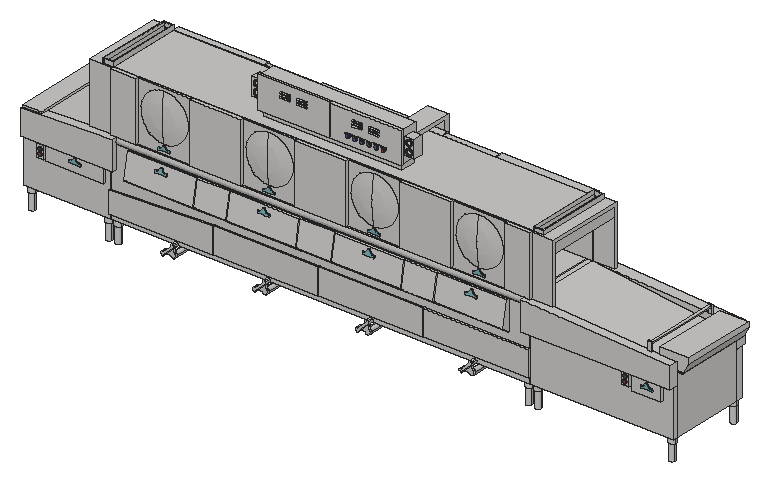
Revit family (continued)
Forms (in)
  Extrusion 130, solid, material "QF_Finishes_Stainless Steel"
    sketch origin (25, -20.25, 0) x (1, 0, 0) y (0, 0, 1)
      loop
        circle (21.23519, 7) r 1.125
    from 0 to 21.5
  Extrusion 131, solid, material "QF_Finishes_Stainless Steel"
    sketch origin (7.21533, -42, -3.41935) x (0.707107, 0, 0.707107) y (-0.707107, 0, 0.707107)
      loop
        arc (6.61019, 7) -> (7.73519, 5.875) -> (8.86019, 7) r 1.125
        arc (8.86019, 7) -> (9.29112, 8.22931) -> (10.48519, 8.75) r 1.62946
        line (10.48519, 8.75) -> (4.98519, 8.75)
        arc (4.98519, 8.75) -> (6.17925, 8.22931) -> (6.61019, 7) r 1.62946
    from -0.25 to 0.25
  Extrusion 132, solid, material "QF_Finishes_Stainless Steel"
    sketch origin (45.71533, -42, -3.41935) x (0.707107, 0, 0.707107) y (-0.707107, 0, 0.707107)
      loop
        line (4.73519, 8.75) -> (10.73519, 8.75)
        arc (10.73519, 8.75) -> (11.08874, 8.89645) -> (11.23519, 9.25) r 0.5
        line (11.23519, 9.25) -> (11.23519, 9.75)
        arc (11.23519, 9.75) -> (11.08874, 10.10355) -> (10.73519, 10.25) r 0.5
        line (10.73519, 10.25) -> (10.23519, 10.25)
        arc (10.23519, 10.25) -> (10.05841, 10.17678) -> (9.98519, 10) r 0.25
        line (9.98519, 10) -> (9.98519, 9.75) -> (5.48519, 9.75) -> (5.48519, 10)
        arc (5.48519, 10) -> (5.41196, 10.17678) -> (5.23519, 10.25) r 0.25
        line (5.23519, 10.25) -> (4.73519, 10.25)
        arc (4.73519, 10.25) -> (4.38163, 10.10355) -> (4.23519, 9.75) r 0.5
        line (4.23519, 9.75) -> (4.23519, 9.25)
        arc (4.23519, 9.25) -> (4.38163, 8.89645) -> (4.73519, 8.75) r 0.5
    from -1 to 1
  Extrusion 133, solid, material "QF_Finishes_Stainless Steel"
    sketch origin (45.71533, -42, -3.41935) x (0.707107, 0, 0.707107) y (-0.707107, 0, 0.707107)
      loop
        arc (6.61019, 7) -> (7.73519, 5.875) -> (8.86019, 7) r 1.125
        arc (8.86019, 7) -> (9.29112, 8.22931) -> (10.48519, 8.75) r 1.62946
        line (10.48519, 8.75) -> (4.98519, 8.75)
        arc (4.98519, 8.75) -> (6.17925, 8.22931) -> (6.61019, 7) r 1.62946
    from -0.25 to 0.25
  Extrusion 134, solid, material "QF_Finishes_Stainless Steel"
    sketch origin (74.5, -20.25, 0) x (1, 0, 0) y (0, 0, 1)
      loop
        circle (14.73519, 7) r 1
      loop
        circle (14.73519, 7) r 1.125
    from 0 to 21.5
  Extrusion 135, solid, material "QF_Finishes_Stainless Steel"
    sketch origin (88.71533, -42, -3.41935) x (0.707107, 0, 0.707107) y (-0.707107, 0, 0.707107)
      loop
        line (4.73519, 8.75) -> (10.73519, 8.75)
        arc (10.73519, 8.75) -> (11.08874, 8.89645) -> (11.23519, 9.25) r 0.5
        line (11.23519, 9.25) -> (11.23519, 9.75)
        arc (11.23519, 9.75) -> (11.08874, 10.10355) -> (10.73519, 10.25) r 0.5
        line (10.73519, 10.25) -> (10.23519, 10.25)
        arc (10.23519, 10.25) -> (10.05841, 10.17678) -> (9.98519, 10) r 0.25
        line (9.98519, 10) -> (9.98519, 9.75) -> (5.48519, 9.75) -> (5.48519, 10)
        arc (5.48519, 10) -> (5.41196, 10.17678) -> (5.23519, 10.25) r 0.25
        line (5.23519, 10.25) -> (4.73519, 10.25)
        arc (4.73519, 10.25) -> (4.38163, 10.10355) -> (4.23519, 9.75) r 0.5
        line (4.23519, 9.75) -> (4.23519, 9.25)
        arc (4.23519, 9.25) -> (4.38163, 8.89645) -> (4.73519, 8.75) r 0.5
    from -1 to 1
  Extrusion 136, solid, material "QF_Finishes_Stainless Steel"
    sketch origin (88.71533, -42, -3.41935) x (0.707107, 0, 0.707107) y (-0.707107, 0, 0.707107)
      loop
        arc (6.61019, 7) -> (7.73519, 5.875) -> (8.86019, 7) r 1.125
        arc (8.86019, 7) -> (9.29112, 8.22931) -> (10.48519, 8.75) r 1.62946
        line (10.48519, 8.75) -> (4.98519, 8.75)
        arc (4.98519, 8.75) -> (6.17925, 8.22931) -> (6.61019, 7) r 1.62946
    from -0.25 to 0.25
  Extrusion 137, solid, material "QF_Finishes_Stainless Steel"
    sketch origin (7.21533, -42, -3.41935) x (0.707107, 0, 0.707107) y (-0.707107, 0, 0.707107)
      loop
        line (4.73519, 8.75) -> (10.73519, 8.75)
        arc (10.73519, 8.75) -> (11.08874, 8.89645) -> (11.23519, 9.25) r 0.5
        line (11.23519, 9.25) -> (11.23519, 9.75)
        arc (11.23519, 9.75) -> (11.08874, 10.10355) -> (10.73519, 10.25) r 0.5
        line (10.73519, 10.25) -> (10.23519, 10.25)
        arc (10.23519, 10.25) -> (10.05841, 10.17678) -> (9.98519, 10) r 0.25
        line (9.98519, 10) -> (9.98519, 9.75) -> (5.48519, 9.75) -> (5.48519, 10)
        arc (5.48519, 10) -> (5.41196, 10.17678) -> (5.23519, 10.25) r 0.25
        line (5.23519, 10.25) -> (4.73519, 10.25)
        arc (4.73519, 10.25) -> (4.38163, 10.10355) -> (4.23519, 9.75) r 0.5
        line (4.23519, 9.75) -> (4.23519, 9.25)
        arc (4.23519, 9.25) -> (4.38163, 8.89645) -> (4.73519, 8.75) r 0.5
    from -1 to 1
  Extrusion 138, solid, material "QF_Finishes_Black", not visible
    sketch origin (0, -32.25, 0) x (1, 0, 0) y (0, 0, 1)
      loop
        circle (6.84638, 76.75) r 1.25
      loop
        circle (6.84638, 76.75) r 1
    from 0 to 0.25
  Extrusion 139, solid, material "QF_Finishes_White", not visible
    sketch origin (0, -32.25, 0) x (1, 0, 0) y (0, 0, 1)
      loop
        circle (6.84638, 76.75) r 1
    from 0 to 0.0625
  Extrusion 140, solid, material "QF_Finishes_Black", not visible
    sketch origin (33.66291, -34, -18.39967) x (1, 0, 0) y (0, 0, 1)
      loop
        line (19.62096, 91.02467) -> (17.62096, 91.02467) -> (17.62096, 90.77467) -> (19.62096, 90.77467) -> (19.62096, 91.02467)
      loop
        line (16.62096, 91.02467) -> (14.62096, 91.02467) -> (14.62096, 90.77467) -> (16.62096, 90.77467) -> (16.62096, 91.02467)
      loop
        line (20.62096, 91.02467) -> (20.62096, 90.77467) -> (22.62096, 90.77467) -> (22.62096, 91.02467) -> (20.62096, 91.02467)
      loop
        line (23.62096, 91.02467) -> (23.62096, 90.77467) -> (25.62096, 90.77467) -> (25.62096, 91.02467) -> (23.62096, 91.02467)
      loop
        line (13.62096, 91.02467) -> (11.62096, 91.02467) -> (11.62096, 90.77467) -> (13.62096, 90.77467) -> (13.62096, 91.02467)
      loop
        line (26.62096, 91.02467) -> (26.62096, 90.77467) -> (28.62096, 90.77467) -> (28.62096, 91.02467) -> (26.62096, 91.02467)
    from 0 to 0.25
  Extrusion 141, solid, material "QF_Finishes_Navy Blue", not visible
    sketch origin (34.03783, -34, -18.39967) x (1, 0, 0) y (0, 0, 1)
      loop
        circle (15.24605, 89.89967) r 0.625
    from 0.125 to 0.375
  Extrusion 142, solid, material "QF_Finishes_Navy Blue", not visible
    sketch origin (34.03783, -34, -18.39967) x (1, 0, 0) y (0, 0, 1)
      loop
        circle (18.24605, 89.89967) r 0.625
    from 0.125 to 0.375
  Extrusion 143, solid, material "QF_Finishes_LED Green", not visible
    sketch origin (34.03783, -34, -18.39967) x (1, 0, 0) y (0, 0, 1)
      loop
        circle (21.24605, 89.89967) r 0.625
    from 0.125 to 0.375
  Extrusion 144, solid, material "QF_Finishes_Navy Blue", not visible
    sketch origin (34.03783, -34, -18.39967) x (1, 0, 0) y (0, 0, 1)
      loop
        circle (24.24605, 89.89967) r 0.625
    from 0.125 to 0.375
  Extrusion 145, solid, material "QF_Finishes_Black", not visible
    sketch origin (34.03783, -34, -18.39967) x (1, 0, 0) y (0, 0, 1)
      loop
        line (15.99605, 89.89967) -> (15.99605, 90.77467) -> (14.49605, 90.77467) -> (14.49605, 89.89967)
        arc (14.49605, 89.89967) -> (15.24605, 89.14967) -> (15.99605, 89.89967) r 0.75
      loop
        line (18.99605, 89.89967) -> (18.99605, 90.77467) -> (17.49605, 90.77467) -> (17.49605, 89.89967)
        arc (17.49605, 89.89967) -> (18.24605, 89.14967) -> (18.99605, 89.89967) r 0.75
      loop
        line (21.99605, 89.89967) -> (21.99605, 90.77467) -> (20.49605, 90.77467) -> (20.49605, 89.89967)
        arc (20.49605, 89.89967) -> (21.24605, 89.14967) -> (21.99605, 89.89967) r 0.75
      loop
        line (24.99605, 89.89967) -> (24.99605, 90.77467) -> (23.49605, 90.77467) -> (23.49605, 89.89967)
        arc (23.49605, 89.89967) -> (24.24605, 89.14967) -> (24.99605, 89.89967) r 0.75
      loop
        line (12.99605, 89.89967) -> (12.99605, 90.77467) -> (11.49605, 90.77467) -> (11.49605, 89.89967)
        arc (11.49605, 89.89967) -> (12.24605, 89.14967) -> (12.99605, 89.89967) r 0.75
      loop
        line (27.99605, 89.89967) -> (27.99605, 90.77467) -> (26.49605, 90.77467) -> (26.49605, 89.89967)
        arc (26.49605, 89.89967) -> (27.24605, 89.14967) -> (27.99605, 89.89967) r 0.75
    from 0 to 0.125
  Extrusion 146, solid, material "QF_Finishes_Black", not visible
    sketch origin (0, -32.25, -3.5) x (1, 0, 0) y (0, 0, 1)
      loop
        circle (6.84638, 76.75) r 1.25
      loop
        circle (6.84638, 76.75) r 1
    from 0 to 0.25
  Extrusion 147, solid, material "QF_Finishes_White", not visible
    sketch origin (0, -32.25, -3.5) x (1, 0, 0) y (0, 0, 1)
      loop
        circle (6.84638, 76.75) r 1
    from 0 to 0.0625
  Extrusion 148, solid, material "QF_Finishes_Black", not visible
    sketch origin (63.875, -32.25, 0) x (1, 0, 0) y (0, 0, 1)
      loop
        circle (6.84638, 76.75) r 1.25
      loop
        circle (6.84638, 76.75) r 1
    from 0 to 0.25
  Extrusion 149, solid, material "QF_Finishes_White", not visible
    sketch origin (63.875, -32.25, 0) x (1, 0, 0) y (0, 0, 1)
      loop
        circle (6.84638, 76.75) r 1
    from 0 to 0.0625
  Extrusion 150, solid, material "QF_Finishes_Black", not visible
    sketch origin (63.875, -32.25, -3.5) x (1, 0, 0) y (0, 0, 1)
      loop
        circle (6.84638, 76.75) r 1.25
      loop
        circle (6.84638, 76.75) r 1
    from 0 to 0.25
  Extrusion 151, solid, material "QF_Finishes_White", not visible
    sketch origin (63.875, -32.25, -3.5) x (1, 0, 0) y (0, 0, 1)
      loop
        circle (6.84638, 76.75) r 1
    from 0 to 0.0625
  Extrusion 152, solid, material "QF_Finishes_Navy Blue", not visible
    sketch origin (31.03783, -34, -18.39967) x (1, 0, 0) y (0, 0, 1)
      loop
        circle (15.24605, 89.89967) r 0.625
    from 0.125 to 0.375
  Extrusion 153, solid, material "QF_Finishes_LED Red", not visible
    sketch origin (46.03783, -34, -18.39967) x (1, 0, 0) y (0, 0, 1)
      loop
        circle (15.24605, 89.89967) r 0.625
    from 0.125 to 0.375
  Extrusion 154, solid, material "QF_Finishes_Stainless Steel", not visible
    sketch origin (0, -73.14175, 10.44389) x (1, 0, 0) y (0, 0.5, 0.866025)
      loop
        line (48.28388, 77.875) -> (52.28388, 77.875)
        arc (52.28388, 77.875) -> (52.10082, 78.31694) -> (51.65888, 78.5) r 0.625
        line (51.65888, 78.5) -> (48.90888, 78.5)
        arc (48.90888, 78.5) -> (48.46693, 78.31694) -> (48.28388, 77.875) r 0.625
    from 0 to 0.125
  Extrusion 155, solid, material "QF_Finishes_Stainless Steel", not visible
    sketch origin (0, -73.14175, 9.44389) x (1, 0, 0) y (0, 0.5, 0.866025)
      loop
        line (48.28388, 77.875) -> (52.28388, 77.875)
        arc (52.28388, 77.875) -> (52.10082, 78.31694) -> (51.65888, 78.5) r 0.625
        line (51.65888, 78.5) -> (48.90888, 78.5)
        arc (48.90888, 78.5) -> (48.46693, 78.31694) -> (48.28388, 77.875) r 0.625
    from 0 to 0.125
  Extrusion 156, solid, material "QF_Finishes_Stainless Steel", not visible
    sketch origin (0, -73.14175, 8.44389) x (1, 0, 0) y (0, 0.5, 0.866025)
      loop
        line (48.28388, 77.875) -> (52.28388, 77.875)
        arc (52.28388, 77.875) -> (52.10082, 78.31694) -> (51.65888, 78.5) r 0.625
        line (51.65888, 78.5) -> (48.90888, 78.5)
        arc (48.90888, 78.5) -> (48.46693, 78.31694) -> (48.28388, 77.875) r 0.625
    from 0 to 0.125
  Extrusion 157, solid, material "QF_Finishes_Stainless Steel", not visible
    sketch origin (107.56775, -73.14175, 10.44389) x (-1, 0, 0) y (0, -0.5, -0.866025)
      loop
        arc (48.28388, -77.875) -> (48.46693, -78.31694) -> (48.90888, -78.5) r 0.625
        line (48.90888, -78.5) -> (51.65888, -78.5)
        arc (51.65888, -78.5) -> (52.10082, -78.31694) -> (52.28388, -77.875) r 0.625
        line (52.28388, -77.875) -> (48.28388, -77.875)
    from 0 to 0.125
  Extrusion 158, solid, material "QF_Finishes_Stainless Steel", not visible
    sketch origin (107.56775, -73.14175, 9.44389) x (-1, 0, 0) y (0, -0.5, -0.866025)
      loop
        arc (48.28388, -77.875) -> (48.46693, -78.31694) -> (48.90888, -78.5) r 0.625
        line (48.90888, -78.5) -> (51.65888, -78.5)
        arc (51.65888, -78.5) -> (52.10082, -78.31694) -> (52.28388, -77.875) r 0.625
        line (52.28388, -77.875) -> (48.28388, -77.875)
    from 0 to 0.125
  Extrusion 159, solid, material "QF_Finishes_Stainless Steel", not visible
    sketch origin (107.56775, -73.14175, 8.44389) x (-1, 0, 0) y (0, -0.5, -0.866025)
      loop
        arc (48.28388, -77.875) -> (48.46693, -78.31694) -> (48.90888, -78.5) r 0.625
        line (48.90888, -78.5) -> (51.65888, -78.5)
        arc (51.65888, -78.5) -> (52.10082, -78.31694) -> (52.28388, -77.875) r 0.625
        line (52.28388, -77.875) -> (48.28388, -77.875)
    from 0 to 0.125
  Extrusion 160, solid, material "QF_Finishes_Stainless Steel", not visible
    sketch origin (-30.125, -73.14175, 10.44389) x (1, 0, 0) y (0, 0.5, 0.866025)
      loop
        line (48.28388, 77.875) -> (52.28388, 77.875)
        arc (52.28388, 77.875) -> (52.10082, 78.31694) -> (51.65888, 78.5) r 0.625
        line (51.65888, 78.5) -> (48.90888, 78.5)
        arc (48.90888, 78.5) -> (48.46693, 78.31694) -> (48.28388, 77.875) r 0.625
    from 0 to 0.125
  Extrusion 161, solid, material "QF_Finishes_Stainless Steel", not visible
    sketch origin (-30.125, -73.14175, 9.44389) x (1, 0, 0) y (0, 0.5, 0.866025)
      loop
        line (48.28388, 77.875) -> (52.28388, 77.875)
        arc (52.28388, 77.875) -> (52.10082, 78.31694) -> (51.65888, 78.5) r 0.625
        line (51.65888, 78.5) -> (48.90888, 78.5)
        arc (48.90888, 78.5) -> (48.46693, 78.31694) -> (48.28388, 77.875) r 0.625
    from 0 to 0.125
  Extrusion 162, solid, material "QF_Finishes_Stainless Steel", not visible
    sketch origin (-30.125, -73.14175, 8.44389) x (1, 0, 0) y (0, 0.5, 0.866025)
      loop
        line (48.28388, 77.875) -> (52.28388, 77.875)
        arc (52.28388, 77.875) -> (52.10082, 78.31694) -> (51.65888, 78.5) r 0.625
        line (51.65888, 78.5) -> (48.90888, 78.5)
        arc (48.90888, 78.5) -> (48.46693, 78.31694) -> (48.28388, 77.875) r 0.625
    from 0 to 0.125
  Extrusion 163, solid, material "QF_Finishes_Stainless Steel", not visible
    sketch origin (77.44275, -73.14175, 10.44389) x (-1, 0, 0) y (0, -0.5, -0.866025)
      loop
        arc (48.28388, -77.875) -> (48.46693, -78.31694) -> (48.90888, -78.5) r 0.625
        line (48.90888, -78.5) -> (51.65888, -78.5)
        arc (51.65888, -78.5) -> (52.10082, -78.31694) -> (52.28388, -77.875) r 0.625
        line (52.28388, -77.875) -> (48.28388, -77.875)
    from 0 to 0.125
  Extrusion 164, solid, material "QF_Finishes_Stainless Steel", not visible
    sketch origin (77.44275, -73.14175, 9.44389) x (-1, 0, 0) y (0, -0.5, -0.866025)
      loop
        arc (48.28388, -77.875) -> (48.46693, -78.31694) -> (48.90888, -78.5) r 0.625
        line (48.90888, -78.5) -> (51.65888, -78.5)
        arc (51.65888, -78.5) -> (52.10082, -78.31694) -> (52.28388, -77.875) r 0.625
        line (52.28388, -77.875) -> (48.28388, -77.875)
    from 0 to 0.125
  Extrusion 165, solid, material "QF_Finishes_Stainless Steel", not visible
    sketch origin (77.44275, -73.14175, 8.44389) x (-1, 0, 0) y (0, -0.5, -0.866025)
      loop
        arc (48.28388, -77.875) -> (48.46693, -78.31694) -> (48.90888, -78.5) r 0.625
        line (48.90888, -78.5) -> (51.65888, -78.5)
        arc (51.65888, -78.5) -> (52.10082, -78.31694) -> (52.28388, -77.875) r 0.625
        line (52.28388, -77.875) -> (48.28388, -77.875)
    from 0 to 0.125
  Extrusion 166, solid, material "QF_Finishes_Stainless Steel", not visible
    sketch origin (0, -20.25, 0) x (1, 0, 0) y (0, 0, 1)
      loop
        circle (7.73519, 7) r 1
      loop
        circle (7.73519, 7) r 1.125
    from 0 to 21.5
  Extrusion 167, solid, material "QF_Finishes_Stainless Steel", not visible
    sketch origin (25, -20.25, 0) x (1, 0, 0) y (0, 0, 1)
      loop
        circle (21.23519, 7) r 1
      loop
        circle (21.23519, 7) r 1.125
    from 0 to 21.5
  Extrusion 168, solid, material "QF_Finishes_Stainless Steel", not visible
    sketch origin (7.21533, -42, -3.41935) x (0.707107, 0, 0.707107) y (-0.707107, 0, 0.707107)
      loop
        arc (6.61019, 7) -> (7.73519, 5.875) -> (8.86019, 7) r 1.125
        arc (8.86019, 7) -> (9.29112, 8.22931) -> (10.48519, 8.75) r 1.62946
        line (10.48519, 8.75) -> (4.98519, 8.75)
        arc (4.98519, 8.75) -> (6.17925, 8.22931) -> (6.61019, 7) r 1.62946
    from -0.25 to 0.25
  Extrusion 169, solid, material "QF_Finishes_Stainless Steel", not visible
    sketch origin (45.71533, -42, -3.41935) x (0.707107, 0, 0.707107) y (-0.707107, 0, 0.707107)
      loop
        line (4.73519, 8.75) -> (10.73519, 8.75)
        arc (10.73519, 8.75) -> (11.08874, 8.89645) -> (11.23519, 9.25) r 0.5
        line (11.23519, 9.25) -> (11.23519, 9.75)
        arc (11.23519, 9.75) -> (11.08874, 10.10355) -> (10.73519, 10.25) r 0.5
        line (10.73519, 10.25) -> (10.23519, 10.25)
        arc (10.23519, 10.25) -> (10.05841, 10.17678) -> (9.98519, 10) r 0.25
        line (9.98519, 10) -> (9.98519, 9.75) -> (5.48519, 9.75) -> (5.48519, 10)
        arc (5.48519, 10) -> (5.41196, 10.17678) -> (5.23519, 10.25) r 0.25
        line (5.23519, 10.25) -> (4.73519, 10.25)
        arc (4.73519, 10.25) -> (4.38163, 10.10355) -> (4.23519, 9.75) r 0.5
        line (4.23519, 9.75) -> (4.23519, 9.25)
        arc (4.23519, 9.25) -> (4.38163, 8.89645) -> (4.73519, 8.75) r 0.5
    from -1 to 1
  Extrusion 170, solid, material "QF_Finishes_Stainless Steel", not visible
    sketch origin (45.71533, -42, -3.41935) x (0.707107, 0, 0.707107) y (-0.707107, 0, 0.707107)
      loop
        arc (6.61019, 7) -> (7.73519, 5.875) -> (8.86019, 7) r 1.125
        arc (8.86019, 7) -> (9.29112, 8.22931) -> (10.48519, 8.75) r 1.62946
        line (10.48519, 8.75) -> (4.98519, 8.75)
        arc (4.98519, 8.75) -> (6.17925, 8.22931) -> (6.61019, 7) r 1.62946
    from -0.25 to 0.25
  Extrusion 171, solid, material "QF_Finishes_Stainless Steel", not visible
    sketch origin (74.5, -20.25, 0) x (1, 0, 0) y (0, 0, 1)
      loop
        circle (14.73519, 7) r 1
      loop
        circle (14.73519, 7) r 1.125
    from 0 to 21.5
  Extrusion 172, solid, material "QF_Finishes_Stainless Steel", not visible
    sketch origin (88.71533, -42, -3.41935) x (0.707107, 0, 0.707107) y (-0.707107, 0, 0.707107)
      loop
        line (4.73519, 8.75) -> (10.73519, 8.75)
        arc (10.73519, 8.75) -> (11.08874, 8.89645) -> (11.23519, 9.25) r 0.5
        line (11.23519, 9.25) -> (11.23519, 9.75)
        arc (11.23519, 9.75) -> (11.08874, 10.10355) -> (10.73519, 10.25) r 0.5
        line (10.73519, 10.25) -> (10.23519, 10.25)
        arc (10.23519, 10.25) -> (10.05841, 10.17678) -> (9.98519, 10) r 0.25
        line (9.98519, 10) -> (9.98519, 9.75) -> (5.48519, 9.75) -> (5.48519, 10)
        arc (5.48519, 10) -> (5.41196, 10.17678) -> (5.23519, 10.25) r 0.25
        line (5.23519, 10.25) -> (4.73519, 10.25)
        arc (4.73519, 10.25) -> (4.38163, 10.10355) -> (4.23519, 9.75) r 0.5
        line (4.23519, 9.75) -> (4.23519, 9.25)
        arc (4.23519, 9.25) -> (4.38163, 8.89645) -> (4.73519, 8.75) r 0.5
    from -1 to 1
  Extrusion 173, solid, material "QF_Finishes_Stainless Steel", not visible
    sketch origin (88.71533, -42, -3.41935) x (0.707107, 0, 0.707107) y (-0.707107, 0, 0.707107)
      loop
        arc (6.61019, 7) -> (7.73519, 5.875) -> (8.86019, 7) r 1.125
        arc (8.86019, 7) -> (9.29112, 8.22931) -> (10.48519, 8.75) r 1.62946
        line (10.48519, 8.75) -> (4.98519, 8.75)
        arc (4.98519, 8.75) -> (6.17925, 8.22931) -> (6.61019, 7) r 1.62946
    from -0.25 to 0.25
  Extrusion 174, solid, material "QF_Finishes_Stainless Steel", not visible
    sketch origin (7.21533, -42, -3.41935) x (0.707107, 0, 0.707107) y (-0.707107, 0, 0.707107)
      loop
        line (4.73519, 8.75) -> (10.73519, 8.75)
        arc (10.73519, 8.75) -> (11.08874, 8.89645) -> (11.23519, 9.25) r 0.5
        line (11.23519, 9.25) -> (11.23519, 9.75)
        arc (11.23519, 9.75) -> (11.08874, 10.10355) -> (10.73519, 10.25) r 0.5
        line (10.73519, 10.25) -> (10.23519, 10.25)
        arc (10.23519, 10.25) -> (10.05841, 10.17678) -> (9.98519, 10) r 0.25
        line (9.98519, 10) -> (9.98519, 9.75) -> (5.48519, 9.75) -> (5.48519, 10)
        arc (5.48519, 10) -> (5.41196, 10.17678) -> (5.23519, 10.25) r 0.25
        line (5.23519, 10.25) -> (4.73519, 10.25)
        arc (4.73519, 10.25) -> (4.38163, 10.10355) -> (4.23519, 9.75) r 0.5
        line (4.23519, 9.75) -> (4.23519, 9.25)
        arc (4.23519, 9.25) -> (4.38163, 8.89645) -> (4.73519, 8.75) r 0.5
    from -1 to 1
  Extrusion 175, solid, material "QF_Finishes_Stainless Steel", visible <- "Swing Doors"
    sketch origin (0, 0, 65.5) x (0, 1, 0) y (-1, 0, 0)
      loop
        line (-38.25, -33.72138) -> (-39, -33.72138) -> (-39, -44.65888) -> (-38.25, -44.65888) -> (-38.25, -33.72138)
    from 0 to -24.875
  Extrusion 176, solid, material "QF_Finishes_Stainless Steel", visible <- "Swing Doors"
    sketch origin (0, 0, 65.5) x (0, 1, 0) y (-1, 0, 0)
      loop
        line (-38.25, -44.78388) -> (-39, -44.78388) -> (-39, -55.72138) -> (-38.25, -55.72138) -> (-38.25, -44.78388)
    from 0 to -24.875
  Extrusion 177, solid, material "QF_Finishes_Stainless Steel", visible <- "Swing Doors"
    sketch origin (1.64366, 34, 62.4375) x (0, 1, 0) y (-1, 0, 0)
      loop
        circle (-73.25, -31.82772) r 0.25
    from 0 to -3
  Extrusion 178, solid, material "QF_Finishes_Stainless Steel", visible <- "Swing Doors"
    sketch origin (1.64366, 34, 45.8125) x (0, 1, 0) y (-1, 0, 0)
      loop
        circle (-73.25, -31.82772) r 0.25
    from 0 to -3
  Sweep 179, solid, material "QF_Finishes_Stainless Steel", visible <- "Swing Doors"
    path origin (43.28388, 53.39484, 58) x (0, 1, 0) y (0, 0, 1)
      loop
        line (-92.39484, -0.9375) -> (-93.01984, -0.9375)
        arc (-93.01984, -0.9375) -> (-93.37339, -1.08395) -> (-93.51984, -1.4375) r 0.5
        line (-93.51984, -1.4375) -> (-93.51984, -9.6875)
        arc (-93.51984, -9.6875) -> (-93.37339, -10.04105) -> (-93.01984, -10.1875) r 0.5
        line (-93.01984, -10.1875) -> (-92.39484, -10.1875)
    profile origin (43.28388, -39.3125, 57.0625) x (0, 0, -1) y (1, 0, 0)
      loop
        circle (0, 0) r 0.375
  Extrusion 180, solid, material "QF_Finishes_Stainless Steel", visible <- "Swing Doors"
    sketch origin (37.64366, 34, 62.4375) x (0, 1, 0) y (-1, 0, 0)
      loop
        circle (-73.25, -18.32772) r 0.25
    from 0 to -3
  Extrusion 181, solid, material "QF_Finishes_Stainless Steel", visible <- "Swing Doors"
    sketch origin (37.64366, 34, 45.8125) x (0, 1, 0) y (-1, 0, 0)
      loop
        circle (-73.25, -18.32772) r 0.25
    from 0 to -3
  Sweep 182, solid, material "QF_Finishes_Stainless Steel", visible <- "Swing Doors"
    path origin (46.15888, 53.39484, 48) x (0, 1, 0) y (0, 0, 1)
      loop
        line (-92.39484, 9.0625) -> (-93.01984, 9.0625)
        arc (-93.01984, 9.0625) -> (-93.37339, 8.91605) -> (-93.51984, 8.5625) r 0.5
        line (-93.51984, 8.5625) -> (-93.51984, 0.3125)
        arc (-93.51984, 0.3125) -> (-93.37339, -0.04105) -> (-93.01984, -0.1875) r 0.5
        line (-93.01984, -0.1875) -> (-92.39484, -0.1875)
    profile origin (46.15888, -39.3125, 57.0625) x (0, 0, -1) y (1, 0, 0)
      loop
        circle (0, 0) r 0.375
  Extrusion 183, solid, material "QF_Finishes_Clearances", visible <- "Standard Doors", detail levels coarse
    sketch origin (0, 0, 65.5) x (0, 1, 0) y (-1, 0, 0)
      loop
        line (-38.25, -33.47138) -> (-39, -33.47138) -> (-39, -55.97138) -> (-38.25, -55.97138) -> (-38.25, -33.47138)
    from 0 to 28
  Sweep 184, solid, material "QF_Finishes_Stainless Steel"
    path origin (178.72138, 20.50153, 48) x (0, 1, 0) y (0, 0, 1)
      loop
        line (-37.25153, -39) -> (-37.25153, -40.5)
        arc (-37.25153, -40.5) -> (-36.81219, -41.56066) -> (-35.75153, -42) r 1.5
        line (-35.75153, -42) -> (-29.00153, -42)
    profile origin (178.72138, -16.75, 8.25) x (1, 0, 0) y (0, 1, 0)
      loop
        circle (0, 0) r 1
      loop
        circle (0, 0) r 1.125
  Extrusion 185, solid, material "QF_Finishes_Stainless Steel"
    sketch origin (-22, 0, 65.5) x (0, 1, 0) y (-1, 0, 0)
      loop
        line (-37.25, -99.47138) -> (-38.25, -99.47138) -> (-38.25, -121.97138) -> (-37.25, -121.97138) -> (-37.25, -99.47138)
    from 0 to -24.875
  Revolve 186, solid, material "QF_Finishes_Stainless Steel", visible <- "Standard Doors"
    sketch origin (88.72138, 53.39484, 48) x (0, 1, 0) y (0, 0, 1)
      loop
        line (-91.64484, 6.49826) -> (-91.64484, 16.49826)
        arc (-91.64484, 16.49826) -> (-92.40727, 11.52451) -> (-92.64484, 6.49826) r 48
        line (-92.64484, 6.49826) -> (-91.64484, 6.49826)
      axis (-91.64484, 6.49826) -> (-92.64484, 6.49826)
    angle from 0 to 360
  Extrusion 187, solid, material "QF_Finishes_Stainless Steel", visible <- "Swing Doors"
    sketch origin (-22, 0, 65.5) x (0, 1, 0) y (-1, 0, 0)
      loop
        line (-38.25, -99.72138) -> (-39, -99.72138) -> (-39, -110.65888) -> (-38.25, -110.65888) -> (-38.25, -99.72138)
    from 0 to -24.875
  Extrusion 188, solid, material "QF_Finishes_Stainless Steel", visible <- "Swing Doors"
    sketch origin (-22, 0, 65.5) x (0, 1, 0) y (-1, 0, 0)
      loop
        line (-38.25, -110.78388) -> (-39, -110.78388) -> (-39, -121.72138) -> (-38.25, -121.72138) -> (-38.25, -110.78388)
    from 0 to -24.875
  Extrusion 189, solid, material "QF_Finishes_Stainless Steel", visible <- "Swing Doors"
    sketch origin (23.64366, 34, 62.4375) x (0, 1, 0) y (-1, 0, 0)
      loop
        circle (-73.25, -53.82772) r 0.25
    from 0 to -3
  Extrusion 190, solid, material "QF_Finishes_Stainless Steel", visible <- "Swing Doors"
    sketch origin (23.64366, 34, 45.8125) x (0, 1, 0) y (-1, 0, 0)
      loop
        circle (-73.25, -53.82772) r 0.25
    from 0 to -3
  Extrusion 191, solid, material "QF_Finishes_Stainless Steel", visible <- "Swing Doors"
    sketch origin (59.64366, 34, 62.4375) x (0, 1, 0) y (-1, 0, 0)
      loop
        circle (-73.25, -40.32772) r 0.25
    from 0 to -3
  Extrusion 192, solid, material "QF_Finishes_Stainless Steel", visible <- "Swing Doors"
    sketch origin (59.64366, 34, 45.8125) x (0, 1, 0) y (-1, 0, 0)
      loop
        circle (-73.25, -40.32772) r 0.25
    from 0 to -3
  Sweep 193, solid, material "QF_Finishes_Stainless Steel", visible <- "Swing Doors"
    path origin (87.28388, 53.39484, 48) x (0, 1, 0) y (0, 0, 1)
      loop
        line (-92.39484, 9.0625) -> (-93.01984, 9.0625)
        arc (-93.01984, 9.0625) -> (-93.37339, 8.91605) -> (-93.51984, 8.5625) r 0.5
        line (-93.51984, 8.5625) -> (-93.51984, 0.3125)
        arc (-93.51984, 0.3125) -> (-93.37339, -0.04105) -> (-93.01984, -0.1875) r 0.5
        line (-93.01984, -0.1875) -> (-92.39484, -0.1875)
    profile origin (87.28388, -39.3125, 57.0625) x (0, 0, -1) y (1, 0, 0)
      loop
        circle (0, 0) r 0.375
  Sweep 194, solid, material "QF_Finishes_Stainless Steel", visible <- "Swing Doors"
    path origin (90.15888, 53.39484, 48) x (0, 1, 0) y (0, 0, 1)
      loop
        line (-92.39484, 9.0625) -> (-93.01984, 9.0625)
        arc (-93.01984, 9.0625) -> (-93.37339, 8.91605) -> (-93.51984, 8.5625) r 0.5
        line (-93.51984, 8.5625) -> (-93.51984, 0.3125)
        arc (-93.51984, 0.3125) -> (-93.37339, -0.04105) -> (-93.01984, -0.1875) r 0.5
        line (-93.01984, -0.1875) -> (-92.39484, -0.1875)
    profile origin (90.15888, -39.3125, 57.0625) x (0, 0, -1) y (1, 0, 0)
      loop
        circle (0, 0) r 0.375
  Extrusion 195, solid, material "QF_Finishes_Clearances", visible <- "Standard Doors", detail levels coarse
    sketch origin (22, 0, 65.5) x (0, 1, 0) y (-1, 0, 0)
      loop
        line (-38.25, -55.47138) -> (-39, -55.47138) -> (-39, -77.97138) -> (-38.25, -77.97138) -> (-38.25, -55.47138)
    from 0 to 28
  Extrusion 196, solid, material "QF_Finishes_Stainless Steel"
    sketch origin (44, -39, 0) x (1, 0, 0) y (0, 0, 1)
      loop
        line (66.84638, 22.25) -> (66.84638, 11.5) -> (110.72138, 11.5) -> (110.72138, 22.25) -> (66.84638, 22.25)
    from 0 to 1
  Extrusion 197, solid, material "QF_Finishes_Stainless Steel"
    sketch origin (22, 0, 65.5) x (0, 1, 0) y (-1, 0, 0)
      loop
        line (-37.25, -99.47138) -> (-38.25, -99.47138) -> (-38.25, -121.97138) -> (-37.25, -121.97138) -> (-37.25, -99.47138)
    from 0 to -24.875
  Revolve 198, solid, material "QF_Finishes_Stainless Steel", visible <- "Standard Doors"
    sketch origin (132.72138, 53.39484, 48) x (0, 1, 0) y (0, 0, 1)
      loop
        line (-91.64484, 6.49826) -> (-91.64484, 16.49826)
        arc (-91.64484, 16.49826) -> (-92.40727, 11.52451) -> (-92.64484, 6.49826) r 48
        line (-92.64484, 6.49826) -> (-91.64484, 6.49826)
      axis (-91.64484, 6.49826) -> (-92.64484, 6.49826)
    angle from 0 to 360
  Extrusion 199, solid, material "QF_Finishes_Stainless Steel", visible <- "Swing Doors"
    sketch origin (22, 0, 65.5) x (0, 1, 0) y (-1, 0, 0)
      loop
        line (-38.25, -99.72138) -> (-39, -99.72138) -> (-39, -110.65888) -> (-38.25, -110.65888) -> (-38.25, -99.72138)
    from 0 to -24.875
  Extrusion 200, solid, material "QF_Finishes_Stainless Steel", visible <- "Swing Doors"
    sketch origin (22, 0, 65.5) x (0, 1, 0) y (-1, 0, 0)
      loop
        line (-38.25, -110.78388) -> (-39, -110.78388) -> (-39, -121.72138) -> (-38.25, -121.72138) -> (-38.25, -110.78388)
    from 0 to -24.875
  Extrusion 201, solid, material "QF_Finishes_Stainless Steel", visible <- "Swing Doors"
    sketch origin (67.64366, 34, 62.4375) x (0, 1, 0) y (-1, 0, 0)
      loop
        circle (-73.25, -53.82772) r 0.25
    from 0 to -3
  Extrusion 202, solid, material "QF_Finishes_Stainless Steel", visible <- "Swing Doors"
    sketch origin (67.64366, 34, 45.8125) x (0, 1, 0) y (-1, 0, 0)
      loop
        circle (-73.25, -53.82772) r 0.25
    from 0 to -3
  Extrusion 203, solid, material "QF_Finishes_Stainless Steel", visible <- "Swing Doors"
    sketch origin (103.64366, 34, 62.4375) x (0, 1, 0) y (-1, 0, 0)
      loop
        circle (-73.25, -40.32772) r 0.25
    from 0 to -3
  Extrusion 204, solid, material "QF_Finishes_Stainless Steel", visible <- "Swing Doors"
    sketch origin (103.64366, 34, 45.8125) x (0, 1, 0) y (-1, 0, 0)
      loop
        circle (-73.25, -40.32772) r 0.25
    from 0 to -3
  Sweep 205, solid, material "QF_Finishes_Stainless Steel", visible <- "Swing Doors"
    path origin (131.28388, 53.39484, 48) x (0, 1, 0) y (0, 0, 1)
      loop
        line (-92.39484, 9.0625) -> (-93.01984, 9.0625)
        arc (-93.01984, 9.0625) -> (-93.37339, 8.91605) -> (-93.51984, 8.5625) r 0.5
        line (-93.51984, 8.5625) -> (-93.51984, 0.3125)
        arc (-93.51984, 0.3125) -> (-93.37339, -0.04105) -> (-93.01984, -0.1875) r 0.5
        line (-93.01984, -0.1875) -> (-92.39484, -0.1875)
    profile origin (131.28388, -39.3125, 57.0625) x (0, 0, -1) y (1, 0, 0)
      loop
        circle (0, 0) r 0.375
  Sweep 206, solid, material "QF_Finishes_Stainless Steel", visible <- "Swing Doors"
    path origin (134.15888, 53.39484, 48) x (0, 1, 0) y (0, 0, 1)
      loop
        line (-92.39484, 9.0625) -> (-93.01984, 9.0625)
        arc (-93.01984, 9.0625) -> (-93.37339, 8.91605) -> (-93.51984, 8.5625) r 0.5
        line (-93.51984, 8.5625) -> (-93.51984, 0.3125)
        arc (-93.51984, 0.3125) -> (-93.37339, -0.04105) -> (-93.01984, -0.1875) r 0.5
        line (-93.01984, -0.1875) -> (-92.39484, -0.1875)
    profile origin (134.15888, -39.3125, 57.0625) x (0, 0, -1) y (1, 0, 0)
      loop
        circle (0, 0) r 0.375
  Extrusion 207, solid, material "QF_Finishes_Clearances", visible <- "Standard Doors", detail levels coarse
    sketch origin (66, 0, 65.5) x (0, 1, 0) y (-1, 0, 0)
      loop
        line (-38.25, -55.47138) -> (-39, -55.47138) -> (-39, -77.97138) -> (-38.25, -77.97138) -> (-38.25, -55.47138)
    from 0 to 28
  Extrusion 208, solid, material "QF_Finishes_Stainless Steel"
    sketch origin (-39.75, 0, 65.5) x (0, 1, 0) y (-1, 0, 0)
      loop
        line (-37.25, -139.72138) -> (-39, -139.72138) -> (-39, -161.22138) -> (-37.25, -161.22138) -> (-37.25, -139.72138)
    from 0 to -24.875
  Extrusion 209, solid, material "QF_Finishes_Stainless Steel"
    sketch origin (88.72138, 0, 0) x (0, 1, 0) y (0, 0, 1)
      loop
        line (-39, 37.75) -> (-40, 37.75) -> (-42, 27.5) -> (-39, 25.1875) -> (-39, 37.75)
    from 14.25 to 27.75
  Extrusion 210, solid, material "QF_Finishes_Stainless Steel"
    sketch origin (78.72138, 0, 0) x (0, 1, 0) y (0, 0, 1)
      loop
        line (-39, 37.75) -> (-40, 37.75) -> (-42, 27.5) -> (-39, 25.1875) -> (-39, 37.75)
    from 38 to 67
  Extrusion 211, solid, material "QF_Finishes_Stainless Steel", not visible
    sketch origin (89.72138, 0, 0) x (0, 1, 0) y (0, 0, 1)
      loop
        line (-39, 37.75) -> (-40, 37.75) -> (-42, 27.5) -> (-39, 25.1875) -> (-39, 37.75)
    from 14.25 to 27.75
  Extrusion 212, solid, material "QF_Finishes_Stainless Steel", not visible
    sketch origin (79.72138, 0, 0) x (0, 1, 0) y (0, 0, 1)
      loop
        line (-39, 37.75) -> (-40, 37.75) -> (-42, 27.5) -> (-39, 25.1875) -> (-39, 37.75)
    from 38 to 67
  Extrusion 213, solid, material "QF_Finishes_Stainless Steel"
    sketch origin (118, -20.25, 0) x (1, 0, 0) y (0, 0, 1)
      loop
        circle (14.73519, 7) r 1
      loop
        circle (14.73519, 7) r 1.125
    from 0 to 21.5
  Extrusion 214, solid, material "QF_Finishes_Stainless Steel"
    sketch origin (132.21533, -42, -3.41935) x (0.707107, 0, 0.707107) y (-0.707107, 0, 0.707107)
      loop
        line (4.73519, 8.75) -> (10.73519, 8.75)
        arc (10.73519, 8.75) -> (11.08874, 8.89645) -> (11.23519, 9.25) r 0.5
        line (11.23519, 9.25) -> (11.23519, 9.75)
        arc (11.23519, 9.75) -> (11.08874, 10.10355) -> (10.73519, 10.25) r 0.5
        line (10.73519, 10.25) -> (10.23519, 10.25)
        arc (10.23519, 10.25) -> (10.05841, 10.17678) -> (9.98519, 10) r 0.25
        line (9.98519, 10) -> (9.98519, 9.75) -> (5.48519, 9.75) -> (5.48519, 10)
        arc (5.48519, 10) -> (5.41196, 10.17678) -> (5.23519, 10.25) r 0.25
        line (5.23519, 10.25) -> (4.73519, 10.25)
        arc (4.73519, 10.25) -> (4.38163, 10.10355) -> (4.23519, 9.75) r 0.5
        line (4.23519, 9.75) -> (4.23519, 9.25)
        arc (4.23519, 9.25) -> (4.38163, 8.89645) -> (4.73519, 8.75) r 0.5
    from -1 to 1
  Extrusion 215, solid, material "QF_Finishes_Stainless Steel"
    sketch origin (132.21533, -42, -3.41935) x (0.707107, 0, 0.707107) y (-0.707107, 0, 0.707107)
      loop
        arc (6.61019, 7) -> (7.73519, 5.875) -> (8.86019, 7) r 1.125
        arc (8.86019, 7) -> (9.29112, 8.22931) -> (10.48519, 8.75) r 1.62946
        line (10.48519, 8.75) -> (4.98519, 8.75)
        arc (4.98519, 8.75) -> (6.17925, 8.22931) -> (6.61019, 7) r 1.62946
    from -0.25 to 0.25
  Extrusion 216, solid, material "QF_Finishes_Stainless Steel", not visible
    sketch origin (118, -20.25, 0) x (1, 0, 0) y (0, 0, 1)
      loop
        circle (14.73519, 7) r 1
      loop
        circle (14.73519, 7) r 1.125
    from 0 to 21.5
  Extrusion 217, solid, material "QF_Finishes_Stainless Steel", not visible
    sketch origin (132.21533, -42, -3.41935) x (0.707107, 0, 0.707107) y (-0.707107, 0, 0.707107)
      loop
        line (4.73519, 8.75) -> (10.73519, 8.75)
        arc (10.73519, 8.75) -> (11.08874, 8.89645) -> (11.23519, 9.25) r 0.5
        line (11.23519, 9.25) -> (11.23519, 9.75)
        arc (11.23519, 9.75) -> (11.08874, 10.10355) -> (10.73519, 10.25) r 0.5
        line (10.73519, 10.25) -> (10.23519, 10.25)
        arc (10.23519, 10.25) -> (10.05841, 10.17678) -> (9.98519, 10) r 0.25
        line (9.98519, 10) -> (9.98519, 9.75) -> (5.48519, 9.75) -> (5.48519, 10)
        arc (5.48519, 10) -> (5.41196, 10.17678) -> (5.23519, 10.25) r 0.25
        line (5.23519, 10.25) -> (4.73519, 10.25)
        arc (4.73519, 10.25) -> (4.38163, 10.10355) -> (4.23519, 9.75) r 0.5
        line (4.23519, 9.75) -> (4.23519, 9.25)
        arc (4.23519, 9.25) -> (4.38163, 8.89645) -> (4.73519, 8.75) r 0.5
    from -1 to 1
  Extrusion 218, solid, material "QF_Finishes_Stainless Steel", not visible
    sketch origin (132.21533, -42, -3.41935) x (0.707107, 0, 0.707107) y (-0.707107, 0, 0.707107)
      loop
        arc (6.61019, 7) -> (7.73519, 5.875) -> (8.86019, 7) r 1.125
        arc (8.86019, 7) -> (9.29112, 8.22931) -> (10.48519, 8.75) r 1.62946
        line (10.48519, 8.75) -> (4.98519, 8.75)
        arc (4.98519, 8.75) -> (6.17925, 8.22931) -> (6.61019, 7) r 1.62946
    from -0.25 to 0.25
  Extrusion 219, solid, material "QF_Finishes_Light Blue", visible <- "Standard Doors"
    sketch origin (-33.60634, -38.75, 10.99826) x (-1, 0, 0) y (0, 0, 1)
      loop
        line (-77.71645, 30.65632) -> (-76.08461, 30.57309)
        arc (-76.08461, 30.57309) -> (-75.90443, 30.64773) -> (-75.82979, 30.82792) r 0.25483
        line (-75.82979, 30.82792) -> (-75.82979, 31.31285)
        arc (-75.82979, 31.31285) -> (-75.90343, 31.49062) -> (-76.08121, 31.56426) r 0.25142
        arc (-76.08121, 31.56426) -> (-77.22593, 31.7803) -> (-77.90311, 32.72819) r 1.56264
        arc (-77.90311, 32.72819) -> (-78.31726, 33.06213) -> (-78.74741, 32.74907) r 0.43733
        arc (-78.74741, 32.74907) -> (-79.42049, 31.78611) -> (-80.57423, 31.56426) r 1.56264
        arc (-80.57423, 31.56426) -> (-80.75201, 31.49062) -> (-80.82565, 31.31285) r 0.25142
        line (-80.82565, 31.31285) -> (-80.82565, 30.82792)
        arc (-80.82565, 30.82792) -> (-80.75101, 30.64773) -> (-80.57082, 30.57309) r 0.25483
        line (-80.57082, 30.57309) -> (-78.93898, 30.65632)
        arc (-78.93898, 30.65632) -> (-78.32772, 30.6719) -> (-77.71645, 30.65632) r 12
    from 0.5 to 0.4375
  Extrusion 220, solid, material "QF_Finishes_Stainless Steel"
    sketch origin (-44, 0, 65.5) x (0, 1, 0) y (-1, 0, 0)
      loop
        line (-37.25, -33.47138) -> (-38.25, -33.47138) -> (-38.25, -55.97138) -> (-37.25, -55.97138) -> (-37.25, -33.47138)
    from 0 to -24.875
  Revolve 221, solid, material "QF_Finishes_Stainless Steel", visible <- "Standard Doors"
    sketch origin (0.72138, 87.64484, 48) x (0, 1, 0) y (0, 0, 1)
      loop
        line (-125.89484, 6.49826) -> (-125.89484, 16.49826)
        arc (-125.89484, 16.49826) -> (-126.65727, 11.52451) -> (-126.89484, 6.49826) r 48
        line (-126.89484, 6.49826) -> (-125.89484, 6.49826)
      axis (-125.89484, 6.49826) -> (-126.89484, 6.49826)
    angle from 0 to 360
  Extrusion 222, solid, material "QF_Finishes_Stainless Steel", visible <- "Swing Doors"
    sketch origin (-44, 0, 65.5) x (0, 1, 0) y (-1, 0, 0)
      loop
        line (-38.25, -33.72138) -> (-39, -33.72138) -> (-39, -44.65888) -> (-38.25, -44.65888) -> (-38.25, -33.72138)
    from 0 to -24.875
  Extrusion 223, solid, material "QF_Finishes_Stainless Steel", visible <- "Swing Doors"
    sketch origin (-44, 0, 65.5) x (0, 1, 0) y (-1, 0, 0)
      loop
        line (-38.25, -44.78388) -> (-39, -44.78388) -> (-39, -55.72138) -> (-38.25, -55.72138) -> (-38.25, -44.78388)
    from 0 to -24.875
  Extrusion 224, solid, material "QF_Finishes_Stainless Steel", visible <- "Swing Doors"
    sketch origin (-42.35634, 34, 62.4375) x (0, 1, 0) y (-1, 0, 0)
      loop
        circle (-73.25, -31.82772) r 0.25
    from 0 to -3
  Extrusion 225, solid, material "QF_Finishes_Stainless Steel", visible <- "Swing Doors"
    sketch origin (-42.35634, 34, 45.8125) x (0, 1, 0) y (-1, 0, 0)
      loop
        circle (-73.25, -31.82772) r 0.25
    from 0 to -3
  Sweep 226, solid, material "QF_Finishes_Stainless Steel", visible <- "Swing Doors"
    path origin (-0.71612, 53.39484, 58) x (0, 1, 0) y (0, 0, 1)
      loop
        line (-92.39484, -0.9375) -> (-93.01984, -0.9375)
        arc (-93.01984, -0.9375) -> (-93.37339, -1.08395) -> (-93.51984, -1.4375) r 0.5
        line (-93.51984, -1.4375) -> (-93.51984, -9.6875)
        arc (-93.51984, -9.6875) -> (-93.37339, -10.04105) -> (-93.01984, -10.1875) r 0.5
        line (-93.01984, -10.1875) -> (-92.39484, -10.1875)
    profile origin (-0.71612, -39.3125, 57.0625) x (0, 0, -1) y (1, 0, 0)
      loop
        circle (0, 0) r 0.375
  Extrusion 227, solid, material "QF_Finishes_Stainless Steel", visible <- "Swing Doors"
    sketch origin (-6.35634, 34, 62.4375) x (0, 1, 0) y (-1, 0, 0)
      loop
        circle (-73.25, -18.32772) r 0.25
    from 0 to -3
  Extrusion 228, solid, material "QF_Finishes_Stainless Steel", visible <- "Swing Doors"
    sketch origin (-6.35634, 34, 45.8125) x (0, 1, 0) y (-1, 0, 0)
      loop
        circle (-73.25, -18.32772) r 0.25
    from 0 to -3
  Sweep 229, solid, material "QF_Finishes_Stainless Steel", visible <- "Swing Doors"
    path origin (2.15888, 53.39484, 48) x (0, 1, 0) y (0, 0, 1)
      loop
        line (-92.39484, 9.0625) -> (-93.01984, 9.0625)
        arc (-93.01984, 9.0625) -> (-93.37339, 8.91605) -> (-93.51984, 8.5625) r 0.5
        line (-93.51984, 8.5625) -> (-93.51984, 0.3125)
        arc (-93.51984, 0.3125) -> (-93.37339, -0.04105) -> (-93.01984, -0.1875) r 0.5
        line (-93.01984, -0.1875) -> (-92.39484, -0.1875)
    profile origin (2.15888, -39.3125, 57.0625) x (0, 0, -1) y (1, 0, 0)
      loop
        circle (0, 0) r 0.375
  Extrusion 230, solid, material "QF_Finishes_Clearances", visible <- "Standard Doors", detail levels coarse
    sketch origin (-44, 0, 65.5) x (0, 1, 0) y (-1, 0, 0)
      loop
        line (-38.25, -33.47138) -> (-39, -33.47138) -> (-39, -55.97138) -> (-38.25, -55.97138) -> (-38.25, -33.47138)
    from 0 to 28
  Extrusion 231, solid, material "QF_Finishes_Light Blue", visible <- "Standard Doors"
    sketch origin (-77.60634, -38.75, 10.99826) x (-1, 0, 0) y (0, 0, 1)
      loop
        line (-77.71645, 30.65632) -> (-76.08461, 30.57309)
        arc (-76.08461, 30.57309) -> (-75.90443, 30.64773) -> (-75.82979, 30.82792) r 0.25483
        line (-75.82979, 30.82792) -> (-75.82979, 31.31285)
        arc (-75.82979, 31.31285) -> (-75.90343, 31.49062) -> (-76.08121, 31.56426) r 0.25142
        arc (-76.08121, 31.56426) -> (-77.22593, 31.7803) -> (-77.90311, 32.72819) r 1.56264
        arc (-77.90311, 32.72819) -> (-78.31726, 33.06213) -> (-78.74741, 32.74907) r 0.43733
        arc (-78.74741, 32.74907) -> (-79.42049, 31.78611) -> (-80.57423, 31.56426) r 1.56264
        arc (-80.57423, 31.56426) -> (-80.75201, 31.49062) -> (-80.82565, 31.31285) r 0.25142
        line (-80.82565, 31.31285) -> (-80.82565, 30.82792)
        arc (-80.82565, 30.82792) -> (-80.75101, 30.64773) -> (-80.57082, 30.57309) r 0.25483
        line (-80.57082, 30.57309) -> (-78.93898, 30.65632)
        arc (-78.93898, 30.65632) -> (-78.32772, 30.6719) -> (-77.71645, 30.65632) r 12
    from 0.5 to 0.4375
  Extrusion 232, solid, material "QF_Finishes_Light Blue", visible <- "Standard Doors"
    sketch origin (10.39366, -38.75, 10.99826) x (-1, 0, 0) y (0, 0, 1)
      loop
        line (-77.71645, 30.65632) -> (-76.08461, 30.57309)
        arc (-76.08461, 30.57309) -> (-75.90443, 30.64773) -> (-75.82979, 30.82792) r 0.25483
        line (-75.82979, 30.82792) -> (-75.82979, 31.31285)
        arc (-75.82979, 31.31285) -> (-75.90343, 31.49062) -> (-76.08121, 31.56426) r 0.25142
        arc (-76.08121, 31.56426) -> (-77.22593, 31.7803) -> (-77.90311, 32.72819) r 1.56264
        arc (-77.90311, 32.72819) -> (-78.31726, 33.06213) -> (-78.74741, 32.74907) r 0.43733
        arc (-78.74741, 32.74907) -> (-79.42049, 31.78611) -> (-80.57423, 31.56426) r 1.56264
        arc (-80.57423, 31.56426) -> (-80.75201, 31.49062) -> (-80.82565, 31.31285) r 0.25142
        line (-80.82565, 31.31285) -> (-80.82565, 30.82792)
        arc (-80.82565, 30.82792) -> (-80.75101, 30.64773) -> (-80.57082, 30.57309) r 0.25483
        line (-80.57082, 30.57309) -> (-78.93898, 30.65632)
        arc (-78.93898, 30.65632) -> (-78.32772, 30.6719) -> (-77.71645, 30.65632) r 12
    from 0.5 to 0.4375
  Extrusion 233, solid, material "QF_Finishes_Stainless Steel"
    sketch origin (-6.75, 0, 65.5) x (0, 1, 0) y (-1, 0, 0)
      loop
        line (-4, -23.22138) -> (-6, -23.22138) -> (-6, -45.72138) -> (-4, -45.72138) -> (-4, -23.22138)
    from 0 to -24.875
  Revolve 234, solid, material "QF_Finishes_Stainless Steel", visible <- "Standard Doors"
    sketch origin (27.72138, -129.89484, 48) x (0, -1, 0) y (0, 0, -1)
      loop
        line (-125.89484, -6.49826) -> (-126.89484, -6.49826)
        arc (-126.89484, -6.49826) -> (-126.65727, -11.52451) -> (-125.89484, -16.49826) r 48
        line (-125.89484, -16.49826) -> (-125.89484, -6.49826)
      axis (-125.89484, -6.49826) -> (-126.89484, -6.49826)
    angle from 0 to 360
  Extrusion 235, solid, material "QF_Finishes_Stainless Steel"
    sketch origin (68.25, 0, 65.5) x (0, 1, 0) y (-1, 0, 0)
      loop
        line (-4, -23.22138) -> (-6, -23.22138) -> (-6, -45.72138) -> (-4, -45.72138) -> (-4, -23.22138)
    from 0 to -24.875
  Revolve 236, solid, material "QF_Finishes_Stainless Steel", visible <- "Standard Doors"
    sketch origin (102.72138, -129.89484, 48) x (0, -1, 0) y (0, 0, -1)
      loop
        line (-125.89484, -6.49826) -> (-126.89484, -6.49826)
        arc (-126.89484, -6.49826) -> (-126.65727, -11.52451) -> (-125.89484, -16.49826) r 48
        line (-125.89484, -16.49826) -> (-125.89484, -6.49826)
      axis (-125.89484, -6.49826) -> (-126.89484, -6.49826)
    angle from 0 to 360
  Extrusion 237, solid, material "QF_Finishes_Stainless Steel"
    sketch origin (90.47138, 0, 0) x (0, 1, 0) y (0, 0, 1)
      loop
        line (-26, 68.5) -> (-1.75, 68.5) -> (-1.75, 18.25) -> (-3, 18.25) -> (-3, 16.5) -> (0, 16.5) -> (0, 70.25) -> (-26, 70.25) -> (-26, 68.5)
    from -1.25 to -9.75
  Extrusion 238, solid, material "QF_Finishes_Stainless Steel"
    sketch origin (-75, 0, 65.5) x (0, 1, 0) y (-1, 0, 0)
      loop
        line (-3, -113.97138) -> (-6, -113.97138) -> (-6, -166.47138) -> (-3, -166.47138) -> (-3, -113.97138)
    from 0 to -24.875
  Extrusion 239, solid, material "QF_Finishes_Light Blue", visible <- "Standard Doors"
    sketch origin (54.39366, -38.75, 10.99826) x (-1, 0, 0) y (0, 0, 1)
      loop
        line (-77.71645, 30.65632) -> (-76.08461, 30.57309)
        arc (-76.08461, 30.57309) -> (-75.90443, 30.64773) -> (-75.82979, 30.82792) r 0.25483
        line (-75.82979, 30.82792) -> (-75.82979, 31.31285)
        arc (-75.82979, 31.31285) -> (-75.90343, 31.49062) -> (-76.08121, 31.56426) r 0.25142
        arc (-76.08121, 31.56426) -> (-77.22593, 31.7803) -> (-77.90311, 32.72819) r 1.56264
        arc (-77.90311, 32.72819) -> (-78.31726, 33.06213) -> (-78.74741, 32.74907) r 0.43733
        arc (-78.74741, 32.74907) -> (-79.42049, 31.78611) -> (-80.57423, 31.56426) r 1.56264
        arc (-80.57423, 31.56426) -> (-80.75201, 31.49062) -> (-80.82565, 31.31285) r 0.25142
        line (-80.82565, 31.31285) -> (-80.82565, 30.82792)
        arc (-80.82565, 30.82792) -> (-80.75101, 30.64773) -> (-80.57082, 30.57309) r 0.25483
        line (-80.57082, 30.57309) -> (-78.93898, 30.65632)
        arc (-78.93898, 30.65632) -> (-78.32772, 30.6719) -> (-77.71645, 30.65632) r 12
    from 0.5 to 0.4375
  Sweep 240, solid, material "QF_Finishes_Stainless Steel"
    path origin (184.72138, 20.50153, 48) x (0, 1, 0) y (0, 0, 1)
      loop
        line (-37.25153, -39) -> (-37.25153, -40.5)
        arc (-37.25153, -40.5) -> (-36.81219, -41.56066) -> (-35.75153, -42) r 1.5
        line (-35.75153, -42) -> (-29.00153, -42)
    profile origin (184.72138, -16.75, 8.25) x (1, 0, 0) y (0, 1, 0)
      loop
        circle (0, 0) r 0.375
      loop
        circle (0, 0) r 0.5
Cuts and joins
  Extrusion 23 cuts Extrusion 20
  Extrusion 23 cuts Extrusion 21
  Extrusion 27 cuts Extrusion 24
  Extrusion 27 cuts Extrusion 25
  Extrusion 128 cuts Extrusion 90
  Extrusion 128 cuts Extrusion 91
Lines and regions (in)
  symbolic lines
    curve 1: line (-57.40362, -1.5, 65.5) -> (-18.77862, -1.5, 65.5)
    curve 2: line (-57.40362, -3, 65.5) -> (80.72138, -3, 65.5)
    curve 3: line (214.72138, -41, 65.5) -> (214.72138, -1.5, 65.5)
    curve 4: line (214.72138, -1.5, 65.5) -> (152.22138, -1.5, 65.5)
    curve 5: line (152.22138, -1.5, 65.5) -> (152.22138, -3, 65.5)
    curve 6: line (-57.40362, -1.5, 65.5) -> (-57.40362, -41, 65.5)
    curve 7: line (-57.40362, -41, 65.5) -> (-18.77862, -41, 65.5)
    curve 8: line (-18.77862, -41, 65.5) -> (-18.77862, -39, 65.5)
    curve 9: line (154.72138, -39, 65.5) -> (-49.40362, -39, 65.5)
    curve 10: line (-57.40362, -39.875, 65.5) -> (-49.40362, -39.875, 65.5)
    curve 11: line (-49.40362, -39.875, 65.5) -> (-49.40362, -3.375, 65.5)
    curve 12: line (-49.40362, -3.375, 65.5) -> (-57.40362, -3.375, 65.5)
    curve 13: line (-49.40362, -6, 65.5) -> (-30.27862, -6, 65.5)
    curve 14: line (-21.27862, -3, 65.5) -> (-21.27862, -39, 65.5)
    curve 15: line (-21.27862, -5, 65.5) -> (-30.27862, -5, 65.5)
    curve 16: line (-30.27862, -5, 65.5) -> (-30.27862, -38.25, 65.5)
    curve 17: line (-30.27862, -38.25, 65.5) -> (-21.27862, -38.25, 65.5)
    curve 18: line (-21.27862, -37.25, 65.5) -> (-25.40362, -37.25, 65.5)
    curve 19: line (-25.40362, -37.25, 65.5) -> (-25.40362, -6, 65.5)
    curve 20: line (-25.40362, -6, 65.5) -> (-21.27862, -6, 65.5)
    curve 21: line (152.22138, -41, 65.5) -> (214.72138, -41, 65.5)
    curve 22: line (214.72138, -37.25, 65.5) -> (163.72138, -37.25, 65.5)
    curve 23: line (163.72138, -37.25, 65.5) -> (163.72138, -38.25, 65.5)
    curve 24: line (163.72138, -38.25, 65.5) -> (154.72138, -38.25, 65.5)
    curve 25: line (154.72138, -39, 65.5) -> (154.72138, -3, 65.5)
    curve 26: line (152.22138, -39, 65.5) -> (152.22138, -41, 65.5)
    curve 27: line (154.72138, -37.25, 65.5) -> (158.84638, -37.25, 65.5)
    curve 28: line (158.84638, -37.25, 65.5) -> (158.84638, -6, 65.5)
    curve 29: line (158.84638, -6, 65.5) -> (154.72138, -6, 65.5)
    curve 30: line (154.72138, -5, 65.5) -> (163.72138, -5, 65.5)
    curve 31: line (163.72138, -5, 65.5) -> (163.72138, -37.25, 65.5)
    curve 32: line (102.72138, -39, 65.5) -> (102.72138, -42, 65.5)
    curve 33: line (102.72138, -42, 65.5) -> (73.72138, -42, 65.5)
    curve 34: line (73.72138, -42, 65.5) -> (73.72138, -39, 65.5)
    curve 35: line (73.47138, -38.93512, 65.5) -> (73.47138, -42, 65.5)
    curve 36: line (73.47138, -42, 65.5) -> (58.97138, -42, 65.5)
    curve 37: line (58.97138, -42, 65.5) -> (58.97138, -39, 65.5)
    curve 38: line (58.72138, -39, 65.5) -> (58.72138, -42, 65.5)
    curve 39: line (58.72138, -42, 65.5) -> (29.72138, -42, 65.5)
    curve 40: line (29.72138, -42, 65.5) -> (29.72138, -39, 65.5)
    curve 41: line (29.47138, -39, 65.5) -> (29.47138, -42, 65.5)
    curve 42: line (29.47138, -42, 65.5) -> (15.97138, -42, 65.5)
    curve 43: line (15.97138, -42, 65.5) -> (15.97138, -39, 65.5)
    curve 44: line (15.72138, -39, 65.5) -> (15.72138, -42, 65.5)
    curve 45: line (15.72138, -42, 65.5) -> (-13.27862, -42, 65.5)
    curve 46: line (-13.27862, -42, 65.5) -> (-13.27862, -39, 65.5)
    curve 50: line (36.72138, -34, 65.5) -> (96.72138, -34, 65.5)
    curve 51: line (96.72138, -34, 65.5) -> (96.72138, -33, 65.5)
    curve 52: line (96.72138, -33, 65.5) -> (36.72138, -33, 65.5)
    curve 53: line (36.72138, -33, 65.5) -> (36.72138, -34, 65.5)
    curve 54: line (36.97138, -33, 65.5) -> (36.97138, -26, 65.5)
    curve 55: line (36.97138, -26, 65.5) -> (96.47138, -26, 65.5)
    curve 56: line (96.47138, -26, 65.5) -> (96.47138, -33, 65.5)
    curve 57: line (96.47138, -28.25, 65.5) -> (100.72138, -28.25, 65.5)
    curve 58: line (100.72138, -28.25, 65.5) -> (100.72138, -32.25, 65.5)
    curve 59: line (100.72138, -32.25, 65.5) -> (96.47138, -32.25, 65.5)
    curve 60: line (36.97138, -28.25, 65.5) -> (32.72138, -28.25, 65.5)
    curve 61: line (32.72138, -28.25, 65.5) -> (32.72138, -32.25, 65.5)
    curve 62: line (32.72138, -32.25, 65.5) -> (36.97138, -32.25, 65.5)
    curve 76: line (-18.77862, -1.5, 65.5) -> (-18.77862, -3, 65.5)
    curve 77: line (202.97138, -37.25, 65.5) -> (202.97138, -37.75, 65.5)
    curve 78: line (202.97138, -37.75, 65.5) -> (204.47138, -37.75, 65.5)
    curve 79: line (204.47138, -37.75, 65.5) -> (204.47138, -37.25, 65.5)
    curve 80: line (204.22138, -37.25, 65.5) -> (204.22138, -6, 65.5)
    curve 81: line (204.47138, -6, 65.5) -> (204.47138, -5.5, 65.5)
    curve 82: line (204.47138, -5.5, 65.5) -> (202.97138, -5.5, 65.5)
    curve 83: line (202.97138, -5.5, 65.5) -> (202.97138, -6, 65.5)
    curve 84: line (203.22138, -6, 65.5) -> (203.22138, -37.25, 65.5)
    curve 85: line (214.72138, -6, 65.5) -> (163.72138, -6, 65.5)
    curve 90: line (217.22138, -6, 65.5) -> (217.22138, -37.25, 65.5)
    curve 91: line (214.72138, -6, 65.5) -> (217.22138, -6, 65.5)
    curve 92: line (217.22138, -37.25, 65.5) -> (214.72138, -37.25, 65.5)
    curve 93: line (-57.40362, -6, 65.5) -> (-59.90362, -6, 65.5)
    curve 94: line (-59.90362, -6, 65.5) -> (-59.90362, -37.25, 65.5)
    curve 95: line (-59.90362, -37.25, 65.5) -> (-57.40362, -37.25, 65.5)
    curve 99: line (89.22138, -3, 65.5) -> (214.72138, -3, 65.5)
    curve 138: line (116.47138, -39, 65.5) -> (116.47138, -42, 65.5)
    curve 139: line (116.47138, -42, 65.5) -> (102.97138, -42, 65.5)
    curve 140: line (102.97138, -42, 65.5) -> (102.97138, -39, 65.5)
    curve 141: line (145.72138, -39, 65.5) -> (145.72138, -42, 65.5)
    curve 142: line (145.72138, -42, 65.5) -> (116.72138, -42, 65.5)
    curve 143: line (116.72138, -42, 65.5) -> (116.72138, -39, 65.5)
    curve 166: line (16.47138, -3, 65.5) -> (16.47138, -4, 65.5)
    curve 167: line (16.47138, -4, 65.5) -> (38.97138, -4, 65.5)
    curve 168: line (38.97138, -3, 65.5) -> (38.97138, -4, 65.5)
    curve 169: line (91.47138, -3, 65.5) -> (91.47138, -4, 65.5)
    curve 170: line (91.47138, -4, 65.5) -> (113.97138, -4, 65.5)
    curve 171: line (113.97138, -3, 65.5) -> (113.97138, -4, 65.5)
  symbolic lines, visible <- "Standard Doors"
    curve 47: line (33.47138, -39, 65.5) -> (33.47138, -38.25, 65.5)
    curve 48: line (33.47138, -38.25, 65.5) -> (55.97138, -38.25, 65.5)
    curve 49: line (55.97138, -38.25, 65.5) -> (55.97138, -39, 65.5)
    curve 100: line (77.47138, -39, 65.5) -> (77.47138, -38.25, 65.5)
    curve 101: line (77.47138, -38.25, 65.5) -> (99.97138, -38.25, 65.5)
    curve 102: line (99.97138, -38.25, 65.5) -> (99.97138, -39, 65.5)
    curve 119: line (121.47138, -39, 65.5) -> (121.47138, -38.25, 65.5)
    curve 120: line (121.47138, -38.25, 65.5) -> (143.97138, -38.25, 65.5)
    curve 121: line (143.97138, -38.25, 65.5) -> (143.97138, -39, 65.5)
    curve 147: line (-10.52862, -39, 65.5) -> (-10.52862, -38.25, 65.5)
    curve 148: line (-10.52862, -38.25, 65.5) -> (11.97138, -38.25, 65.5)
    curve 149: line (11.97138, -38.25, 65.5) -> (11.97138, -39, 65.5)
  symbolic lines, visible <- "Swing Doors"
    curve 63: line (45.78388, -39, 65.5) -> (45.78388, -40.125, 65.5)
    curve 64: line (46.53388, -39, 65.5) -> (46.53388, -40.125, 65.5)
    curve 65: arc (46.53388, -40.125, 65.5) -> (46.15888, -40.5, 65.5) -> (45.78388, -40.125, 65.5) r 0.375
